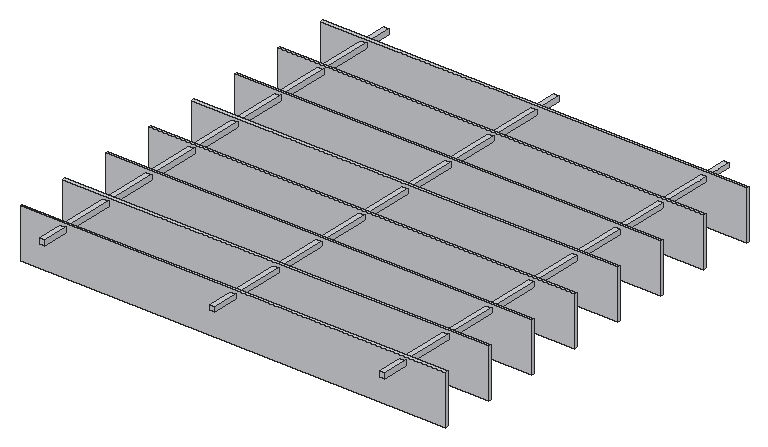
Revit family "J2 PET Felt Rectangular Baffle System", category Specialty Equipment, Revit 2021
Family settings
  Round Connector Dimension = Use Diameter
  Part Type = Normal
  Work Plane-Based = No
  Always vertical = Yes
  Cut with Voids When Loaded = No
  Shared = No
  Room Calculation Point = No
Parameters (values of type "Rectangular Baffle System 8'-0"x7'-11"x11"")
  Overall Width (Max. 7'-11") = 7' - 11"
  URL = "https://www.j2systems.net/"
  Symbol Name = "CSBSRE"
  Style Number = "CSBSRE"
  Release Date = "2019"
  Product Line = "Ceiling System"
  Number of Support Rails Needed = if([Overall Width (Max. 7'-11")] > 5' 6", 3, 2)  # 3
  End Spacing = ([Nominal Length (Max. 8'-0")] / Number of Baffles / 2)  # 0' - 6"
  Number of Baffles = 8
  Model = "Rectangular Baffle System"
  Manufacturer = "J2 Systems"  # constant formula
  Nominal Length (Max. 8'-0") = 8' - 0"
  Felt Color = none
  Default Elevation = 0' - 0"
  Baffle Spacing [instance] = 1' - 0"
  Baffle Height (Max. 3'-11") = 0' - 11"
Types (2): name | Overall Width (Max. 7'-11") | Number of Support Rails Needed
  Rectangular Baffle System 8'-0"x7'-11"x11" | 7' - 11" | 3
  Rectangular Baffle System 8'-0"x3'-11"x11" | 3' - 11" | 2
Reference planes (in)
  plane 1 "Center (Front/Back)": y = 0
  plane 2: z = 0
  plane 3 "Center (Left/Right)": x = 0
  plane 4: y = 48
  plane 5: y = -48
  plane 6: x = -47.5
  plane 7: x = 47.5
  plane 8 "Top Edge": z = 11
  plane 9: y = 42
  plane 10: y = -42
  plane 11 "Center L/S": z = 10.25
Dimensions and locks (in)
  equal spacing: plane 4, plane 1 "Center (Front/Back)", plane 5
  equal spacing: plane 6, plane 3 "Center (Left/Right)", plane 7
  "Nominal Length (Max. 8'-0")": plane 4 to plane 5
  "Overall Width (Max. 7'-11")": plane 6 to plane 7
  "Baffle Height (Max. 3'-11")": plane 8 "Top Edge" to level
  equal spacing: group 1, group 3, group 4, group 5, group 8, group 9, group 10, group 2  (x2)
  equal spacing: group 2, group 10, group 9, group 8, group 5, group 4, group 3, group 1
  locked: plane 6 to nested 6 at 9
  equal spacing: group 6, group 11, group 7  (x3)
  locked: nested 7 to plane 7 at 9
  "End Spacing": plane 4 to plane 9
  "End Spacing": plane 10 to plane 5
  "Baffle Spacing": nested 3 to nested 1
  plane 8 "Top Edge" to plane 11 "Center L/S" = 0' - 0 3/4"
  aligned and locked: plane 2 to level
  aligned and locked: nested 1 to plane 9
  aligned and locked: nested 2 to plane 10
  aligned and locked: plane 11 "Center L/S" to nested 7
  aligned and locked: plane 11 "Center L/S" to nested 6
Nested families (in)
  nested 1: "J2 PET Felt Rectangular Baffle Single" at (0, 42, 0), type "Rectangular Baffle 7'-11" x 11""
  nested 2: "J2 PET Felt Rectangular Baffle Single" at (0, -42, 0), type "Rectangular Baffle 7'-11" x 11""
  nested 3: "J2 PET Felt Rectangular Baffle Single" at (0, 30, 0), type "Rectangular Baffle 7'-11" x 11""
  nested 4: "J2 PET Felt Rectangular Baffle Single" at (0, 18, 0), type "Rectangular Baffle 7'-11" x 11""
  nested 5: "J2 PET Felt Rectangular Baffle Single" at (0, 6, 0), type "Rectangular Baffle 7'-11" x 11""
  nested 6: "Aluminum Support Rail" at (-37.9375, 0, 9.125), type "Aluminum Support Rail"
    with Length 8' - 0"
  nested 7: "Aluminum Support Rail" at (37.9375, 0, 9.125), type "Aluminum Support Rail"
    with Length 8' - 0"
  nested 8: "J2 PET Felt Rectangular Baffle Single" at (0, -6, 0), type "Rectangular Baffle 7'-11" x 11""
  nested 9: "J2 PET Felt Rectangular Baffle Single" at (0, -18, 0), type "Rectangular Baffle 7'-11" x 11""
  nested 10: "J2 PET Felt Rectangular Baffle Single" at (0, -30, 0), type "Rectangular Baffle 7'-11" x 11""
  nested 11: "Aluminum Support Rail" at (0, 0, 9.125), type "Aluminum Support Rail"
    with Length 8' - 0"
Definition of nested family "J2 PET Felt Rectangular Baffle Single"
  Parameters (values of type "Rectangular Baffle 7'-11" x 11"")
    URL = "https://www.j2systems.net/"
    Symbol Name = "CSBFRE"
    Style Number = "CSBFRE"
    Release Date = "2019"
    Product Line = "Ceiling System"
    Model = "Rectangular Baffle Single"
    Manufacturer = "J2 Systems"  # constant formula
    Baffle Length - Max. 7'-11" = 7' - 11"
    Felt Color = none
    Default Elevation = 0' - 0"
    Baffle Height - Max. 3'-11" = 0' - 11"
  Reference planes (in)
    plane 1 "Center (Front/Back)": y = 0
    plane 2: z = 0
    plane 3 "Center (Left/Right)": x = 0
    plane 4: y = 0.25
    plane 5: y = -0.25
    plane 6: x = -47.5
    plane 7: x = 47.5
    plane 8: z = 11
  Forms (in)
    Extrusion 1, solid, material <- "Felt Color"
      sketch origin (2.375, 0, 0) x (1, 0, 0) y (0, 1, 0)
        loop
          line (-49.875, 0.25) -> (-49.875, -0.25) -> (45.125, -0.25) -> (45.125, 0.25) -> (-49.875, 0.25)
      from 11 to 0
  Dimensions and locks (in)
    equal spacing: plane 6, plane 3 "Center (Left/Right)", plane 7
    "Baffle Length - Max. 7'-11"": plane 6 to plane 7
    "Baffle Height - Max. 3'-11"": plane 8 to level
    Extrusion 1 sketch curve to plane 1 "Center (Front/Back)" to Extrusion 1 sketch curve = 0' - 0 1/4" locked, 0' - 0 1/4" locked
    aligned and locked: plane 2 to level
    aligned and locked: Extrusion 1 to plane 6
    aligned and locked: Extrusion 1 to plane 4
    aligned and locked: Extrusion 1 to plane 5
    aligned and locked: Extrusion 1 sketch curve to plane 7
    aligned and locked: plane 6 to Extrusion 1 sketch curve
    aligned and locked: plane 8 to Extrusion 1
    aligned and locked: Extrusion 1 to level
Definition of nested family "Aluminum Support Rail"
  Parameters (values of type "Aluminum Support Rail")
    URL = "https://www.j2systems.net/"
    Symbol Name = "CSBFRE"
    Style Number = "CSBFRE"
    Release Date = "2019"
    Product Line = "Ceiling System"
    Model = "Rectangular Baffle Single"
    Manufacturer = "J2 Systems"  # constant formula
    Length = 7' - 11"
    Default Elevation = 0' - 0"
  Reference planes (in)
    plane 1 "Center (Front/Back)": y = 0
    plane 2: z = 0
    plane 3 "Center (Left/Right)": x = 0
    plane 4: y = 47.5
    plane 5: y = -47.5
    plane 6: x = -0.5625
    plane 7: x = 0.5625
    plane 8: z = 11
  Forms (in)
    Extrusion 1, solid
      sketch origin (0, 0, 0) x (1, 0, 0) y (0, 1, 0)
        loop
          line (-0.5625, 47.5) -> (-0.5625, -47.5) -> (0.5625, -47.5) -> (0.5625, 47.5) -> (-0.5625, 47.5)
      from 0 to 1.125
  Dimensions and locks (in)
    equal spacing: plane 6, plane 3 "Center (Left/Right)", plane 7
    locked: plane 8 to level at 11
    equal spacing: plane 4, plane 1 "Center (Front/Back)", plane 5
    plane 6 to plane 7 = 0' - 1 1/8"
    "Length": plane 4 to plane 5
    aligned and locked: plane 2 to level
    aligned and locked: plane 7 to Extrusion 1
    aligned and locked: Extrusion 1 to plane 6
    aligned and locked: Extrusion 1 to plane 5
    aligned and locked: plane 4 to Extrusion 1
  Automatic sketch dimensions
    Extrusion 1 sketch curve to plane 5 = 0' - 0"
    Extrusion 1 sketch curve to plane 6 = 0' - 0"
    Extrusion 1 sketch curve to plane 7 = 0' - 0"
    Extrusion 1 sketch curve to plane 4 = 0' - 0"
